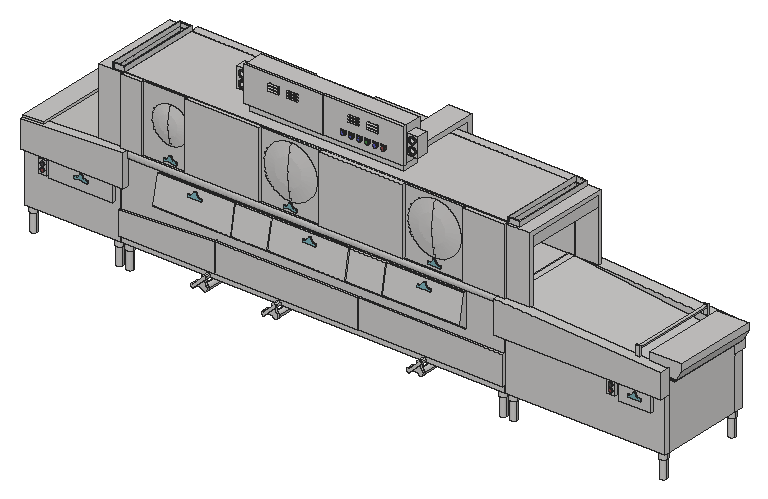
Revit family
Parameters (values of type "480/60/3")
  Weight in Pounds = 0
  Waste Water Discharge Temperature [instance] = -459.67 °F
  Volts = 480 V
  Ventilation Remarks [instance] = ""
  Unload Ventilation Remarks [instance] = ""
  Unload Section Width [instance] = if(Custom Unload Width > 5' 0", Custom Unload Width, 5' 0")  # 5' - 0"
  Unload Removable Cover [instance] = yes
  Unload Exhaust Volume = 1000 CFM
  Unload Exhaust Vent Width = 0' - 4"
  Unload Exhaust Vent Depth = 2' - 7 1/4"
  Unload Exhaust Static Press [instance] = 0.00 in-wg
  Unload Exhaust RI Height [instance] = 0' - 0"
  Unload Exhaust Item Number [instance] = "-"
  Unload End Drain [instance] = no
  URL Cutsheet = ""
  URL = "www.stero.com"
  Swing Doors [instance] = no
  Steam Supply Volume [instance] = 0.00 GPM
  Steam Supply Size = 2"
  Steam Supply RI Height [instance] = 0' - 0"
  Steam Supply Minimum Pressure = 15.00 psi
  Steam Supply Maximum Pressure = 40.00 psi
  Steam Supply Connection Height = 0' - 6"
  Steam Pounds per Hour [instance] = if(Booster Heater, 320, 170)  # 170
  Status [instance] = ""
  Standard Doors [instance] = not(Swing Doors)  # yes
  Specification by User [instance] = ""
  Specification by Manufacturer [instance] = ""
  Serial Number [instance] = ""
  Seismic Rating [instance] = ""
  Revision Code [instance] = ""
  Power Wash Width = 4' - 6"
  Power Wash Door [instance] = if(Swing Doors, 3' 0", 1' 10 1/2")  # 1' - 10 1/2"
  Power Scrapper Width = 3' - 0"
  Power Scrapper Door [instance] = if(Swing Doors, 2' 0", 1' 4 1/4")  # 1' - 4 1/4"
  Power Rinse Door [instance] = if(Swing Doors, 3' 0", 1' 10 1/2")  # 1' - 10 1/2"
  Plumbing Remarks [instance] = ""
  Plumbing Connection Type [instance] = ""
  Phase = 3
  ONOFF Switch [instance] = if([30 inch Load], 0' 0", 0' 6")  # 0' - 6"
  Number of Poles [instance] = 3
  No Booster Heater [instance] = not(Booster Heater)  # yes
  NAFEM Spec ID Number [instance] = ""
  Model = "STPCW-ER 144S"
  Mechanical Remarks [instance] = ""
  Mechanical Connection Type [instance] = ""
  Masterspec [instance] = ""
  Manufacturer = "Stero"
  Load Section Width [instance] = if([30 inch Load], 2' 6 1/8", if([36 inch Load], 3' 0 1/8", if([48 inch Load], 4' 0 1/8", (Custom Load Width + 0' 0 1/8"))))  # 3' - 0 1/8"
  Load End Drain [instance] = not(Unload End Drain)  # yes
  Item Number [instance] = "-"
  Installed By [instance] = ""
  Indirect Waste Size = 2"
  Indirect Waste Flow [instance] = 0.00 GPM
  Indirect Waste Connection Type [instance] = ""
  Indirect Waste Connection Height = 0' - 7"
  Hot Water Temperature = 140 °F
  Hot Water Size = 1"
  Hot Water RI Height [instance] = 0' - 0"
  Hot Water Minimum Pressure = 20.00 psi
  Hot Water Maximum Pressure = 20.00 psi
  Hot Water Flow [instance] = 0.00 GPM
  Hot Water Consumption = 1.63 GPM
  Hot Water Connection Height = 0' - 6"
  HP = "8"
  Furnished By [instance] = ""
  Foodservice Equipment Identifier [instance] = yes
  Final Rinse Width = 4' - 6"
  FL Amps = 15.9 A
  Exhaust Volume = 500 CFM
  Exhaust Vent Width = 0' - 4"
  Exhaust Vent Depth = 2' - 7 1/4"
  Exhaust Static Press [instance] = 0.00 in-wg
  Exhaust RI Height [instance] = 0' - 0"
  Electrical Remarks [instance] = ""
  Electric Connection Type [instance] = ""
  Elec Conn RI Height [instance] = 0' - 0"
  Elec Conn Connection Height = 6' - 6"
  Description = "Flight Type Dishwasher"
  Depth = 3' - 6"
  Cycle = 60 Hz
  Custom Unload Width [instance] = 5' - 0"
  Custom Load Width [instance] = 4' - 6"
  Conn Conduit = yes
  Condensate Return Size = 3/4"
  Condensate Return RI Height [instance] = 0' - 0"
  Condensate Return Connection Height = 0' - 6"
  Cold Water Temperature Recommended [instance] = -459.67 °F
  Cold Water Size [instance] = if(Cold Water Aqua Stat, 0' 0 3/4", 0' 0")  # 0"
  Cold Water RI Height [instance] = 0' - 0"
  Cold Water Minimum Pressure [instance] = 0.00 psi
  Cold Water Maximum Pressure [instance] = 0.00 psi
  Cold Water Flow [instance] = 0.00 GPM
  Cold Water Consumption [instance] = ""
  Cold Water Connection Height [instance] = if(Cold Water Aqua Stat, 0' 6", 0' 0")  # 0' - 0"
  Cold Water Aqua Stat [instance] = no
  CSI MasterFormat = "11 48 13"
  Booster Heater [instance] = no
  Boosted Plumbing Remarks [instance] = ""
  Boosted Hot Water Temperature = 180 °F
  Boosted Hot Water Size = 3/4"
  Boosted Hot Water RI Height [instance] = 0' - 0"
  Boosted Hot Water Minimum Pressure = 20.00 psi
  Boosted Hot Water Maximum Pressure = 20.00 psi
  Boosted Hot Water Flow [instance] = 0.00 GPM
  Boosted Hot Water Consumption = 1.63 GPM
  Boosted Hot Water Connection Height = 0' - 6"
  Boosted HW Item Number [instance] = "-"
  Assembly Code = "E1090320"
  Apparent Power = if(Phase = 3, Volts * FL Amps * 1.73, Volts * FL Amps)  # 13203.4 VA
  48 inch Load [instance] = no
  36 inch Load [instance] = yes
  30 inch Load [instance] = no
Reference planes (in)
  plane 1 "BACK": y = 0
  plane 2: z = 0
  plane 3 "LEFT": x = -21.27862
  plane 4 "RIGHT": x = 122.72138
  plane 5 "FRONT": y = -42
  plane 6 "Right of Power Scrapper": x = 14.72138
  plane 7 "Right of Power Wash": x = 68.72138
  plane 8 "Load Vent": x = -30.27862
  plane 9 "Unload Vent": x = 131.72138
  plane 10 "Top of Machine": z = 65.5
  plane 11 "Table Height": z = 34
  plane 12 "Bottom of Machine": z = 9
  plane 13 "Middle of Machine": z = 40.625
  plane 14 "Left of Bottom": x = -18.77862
  plane 15 "Right of Bottom": x = 120.22138
  plane 16: z = 38.125
  plane 17: z = 37.75
  plane 18: z = 24.5
  plane 19: z = 22.25
  plane 20: z = 11.5
  plane 21 "Back of Main Body": y = -3
  plane 22 "Front of Main Body": y = -39
  plane 23: x = -3.27862
  plane 24: x = 41.72138
  plane 25: x = 95.72138
  plane 26: x = -13.52862
  plane 27: x = 2.72138
  plane 28: x = 30.47138
  plane 29: x = 52.97138
  plane 30: x = 84.47138
  plane 31: x = 106.97138
  plane 32 "Front of Inside": y = -37.25
  plane 33 "Back of Inside": y = -6
  plane 34: x = 23.22138
  plane 35: x = 45.72138
  plane 36: x = -6.77862
  plane 37: x = 22.22138
  plane 38: x = 36.22138
  plane 39: x = 65.22138
  plane 40: x = 35.97138
  plane 41: x = 65.47138
  plane 42: x = 14.59638
  plane 43: x = 14.84638
  plane 44: x = 68.59638
  plane 45: x = 68.84638
  plane 46: z = 60.25
  plane 47: z = 67.25
  plane 48: x = -21.40362
  plane 49: x = -25.40362
  plane 50: x = 126.84638
  plane 51: x = 122.84638
  plane 52: x = -57.40362
  plane 53: x = -59.90362
  plane 54: x = -58.40362
  plane 55: x = -49.40362
  plane 56: z = 28.5
  plane 57: z = 28
  plane 58: z = 22
  plane 59: x = -47.40362
  plane 60: x = -23.40362
  plane 61: x = -48.40362
  plane 62: x = -51.40362
  plane 63: x = 182.72138
  plane 64: x = 183.72138
  plane 65: x = 185.22138
  plane 66: x = 187.72138
  plane 67: x = 175.72138
  plane 68: x = 171.72138
  plane 69: x = 178.22138
  plane 70: x = 166.22138
  plane 71: x = 164.72138
  plane 72: x = 161.72138
  plane 73: y = -32.5
  plane 74: y = -26.5
  plane 75: x = 21.72138
  plane 76: x = 79.72138
  plane 77: z = 68.5
  plane 78: z = 71.375
  plane 79: z = 78.625
  plane 80: z = 81.5
  plane 81: x = 50.72138
  plane 82: x = 50.59638
  plane 83: x = 50.84638
  plane 84: x = 20.72138
  plane 85: x = 80.72138
  plane 86: x = 84.72138
  plane 87: x = 16.72138
  plane 88 "Back of Elec Box": y = -26
  plane 89: y = -33
  plane 90 "Front of Panel": y = -34
  plane 91: z = 68.25
  plane 92: z = 81.25
  plane 93: x = 20.97138
  plane 94 "Right of Control Box": x = 80.47138
  plane 95 "Front of LR Panels": y = -32.25
  plane 96: y = -28.25
  plane 97 "Drain": z = 7
  plane 98 "Left Drain": x = -39.90362
  plane 99 "Right Drain": x = 175.72138
  plane 100 "Drain CL": y = -20.25
  plane 101 "Utilities": z = 6
  plane 102 "Cold Water": x = -31.27862
  plane 103 "Utility to Machine": y = -16.75
  plane 104 "Utilities Point of Connection": y = -8.5
  plane 105 "Building Hot Water": x = 158.72138
  plane 106: x = -13.27862
  plane 107: x = 2.59638
  plane 108: x = 1.28388
  plane 109: x = 30.72138
  plane 110: x = 41.65888
  plane 111: x = 41.78388
  plane 112: x = 52.72138
  plane 113: x = 43.15888
  plane 114: x = 40.28388
  plane 115: x = 84.72138
  plane 116: x = 95.65888
  plane 117: x = 95.78388
  plane 118: x = 106.72138
  plane 119: x = 97.15888
  plane 120: x = 94.28388
  plane 121 "Standard Door Clearance": z = 93.5
  plane 122: x = 146.72138
  plane 123: x = 22.47138
  plane 124: x = 79.22138
  plane 125: x = 78.97138
  plane 126: x = 108.22138
  plane 127: x = 152.72138
Forms (in)
  Extrusion 1, solid, material "QF_Finishes_Stainless Steel"
    sketch origin (0, -39, 0) x (1, 0, 0) y (0, 0, 1)
      loop
        line (-21.27862, 9) -> (122.72138, 9) -> (122.72138, 28.5) -> (120.22138, 28.5) -> (120.22138, 38.125) -> (-18.77862, 38.125) -> (-18.77862, 28.5) -> (-21.27862, 28.5) -> (-21.27862, 9)
    from 0 to -36
  Extrusion 2, solid, material "QF_Finishes_Stainless Steel"
    sketch origin (-18.77862, 0, 0) x (0, 1, 0) y (0, 0, 1)
      loop
        line (-3, 40.625) -> (-39, 40.625)
        arc (-39, 40.625) -> (-39.43875, 39.375) -> (-39, 38.125) r 2
        line (-39, 38.125) -> (-3, 38.125) -> (-3, 40.625)
    from 0 to 139
  Extrusion 3, solid, material "QF_Finishes_Stainless Steel"
    sketch origin (0, 0, 65.5) x (0, 1, 0) y (-1, 0, 0)
      loop
        line (-37.25, 21.27862) -> (-39, 21.27862) -> (-39, 13.52862) -> (-37.25, 13.52862) -> (-37.25, 21.27862)
    from 0 to -24.875
  Extrusion 4, solid, material "QF_Finishes_Stainless Steel"
    sketch origin (0, 0, 65.5) x (0, 1, 0) y (-1, 0, 0)
      loop
        line (-37.25, -2.72138) -> (-39, -2.72138) -> (-39, -30.47138) -> (-37.25, -30.47138) -> (-37.25, -2.72138)
    from 0 to -24.875
  Extrusion 5, solid, material "QF_Finishes_Stainless Steel"
    sketch origin (0, 0, 65.5) x (0, 1, 0) y (-1, 0, 0)
      loop
        line (-37.25, -52.97138) -> (-39, -52.97138) -> (-39, -84.47138) -> (-37.25, -84.47138) -> (-37.25, -52.97138)
    from 0 to -24.875
  Extrusion 6, solid, material "QF_Finishes_Stainless Steel"
    sketch origin (0, 0, 65.5) x (0, 1, 0) y (-1, 0, 0)
      loop
        line (-37.25, -106.97138) -> (-39, -106.97138) -> (-39, -122.72138) -> (-37.25, -122.72138) -> (-37.25, -106.97138)
    from 0 to -24.875
  Extrusion 7, solid, material "QF_Finishes_Stainless Steel"
    sketch origin (0, 0, 65.5) x (0, 1, 0) y (-1, 0, 0)
      loop
        line (-3, 21.27862) -> (-6, 21.27862) -> (-6, -23.22138) -> (-3, -23.22138) -> (-3, 21.27862)
    from 0 to -24.875
  Extrusion 8, solid, material "QF_Finishes_Stainless Steel"
    sketch origin (0, 0, 65.5) x (0, 1, 0) y (-1, 0, 0)
      loop
        line (-3, -45.72138) -> (-6, -45.72138) -> (-6, -122.72138) -> (-3, -122.72138) -> (-3, -45.72138)
    from 0 to -24.875
  Extrusion 9, solid, material "QF_Finishes_Stainless Steel"
    sketch origin (0, 0, 65.5) x (0, 1, 0) y (-1, 0, 0)
      loop
        line (-37.25, 13.52862) -> (-38.25, 13.52862) -> (-38.25, -2.72138) -> (-37.25, -2.72138) -> (-37.25, 13.52862)
    from 0 to -24.875
  Extrusion 10, solid, material "QF_Finishes_Stainless Steel"
    sketch origin (0, 0, 65.5) x (0, 1, 0) y (-1, 0, 0)
      loop
        line (-37.25, -30.47138) -> (-38.25, -30.47138) -> (-38.25, -52.97138) -> (-37.25, -52.97138) -> (-37.25, -30.47138)
    from 0 to -24.875
  Extrusion 11, solid, material "QF_Finishes_Stainless Steel"
    sketch origin (0, 0, 65.5) x (0, 1, 0) y (-1, 0, 0)
      loop
        line (-37.25, -84.47138) -> (-38.25, -84.47138) -> (-38.25, -106.97138) -> (-37.25, -106.97138) -> (-37.25, -84.47138)
    from 0 to -24.875
  Extrusion 12, solid, material "QF_Finishes_Stainless Steel"
    sketch origin (0, 0, 65.5) x (0, 1, 0) y (-1, 0, 0)
      loop
        line (-4, -23.22138) -> (-6, -23.22138) -> (-6, -45.72138) -> (-4, -45.72138) -> (-4, -23.22138)
    from 0 to -24.875
  Revolve 13, solid, material "QF_Finishes_Stainless Steel", visible <- "Standard Doors"
    sketch origin (41.72138, 87.64484, 48) x (0, 1, 0) y (0, 0, 1)
      loop
        line (-125.89484, 6.49826) -> (-125.89484, 16.49826)
        arc (-125.89484, 16.49826) -> (-126.65727, 11.52451) -> (-126.89484, 6.49826) r 48
        line (-126.89484, 6.49826) -> (-125.89484, 6.49826)
      axis (-125.89484, 6.49826) -> (-126.89484, 6.49826)
    angle from 0 to 360
  Revolve 14, solid, material "QF_Finishes_Stainless Steel", visible <- "Standard Doors"
    sketch origin (95.72138, 53.39484, 48) x (0, 1, 0) y (0, 0, 1)
      loop
        line (-91.64484, 6.49826) -> (-91.64484, 16.49826)
        arc (-91.64484, 16.49826) -> (-92.40727, 11.52451) -> (-92.64484, 6.49826) r 48
        line (-92.64484, 6.49826) -> (-91.64484, 6.49826)
      axis (-91.64484, 6.49826) -> (-92.64484, 6.49826)
    angle from 0 to 360
  Extrusion 15, solid, material "QF_Finishes_Light Blue", visible <- "Standard Doors"
    sketch origin (32.39366, -38.75, 10.99826) x (-1, 0, 0) y (0, 0, 1)
      loop
        line (-62.71645, 30.65632) -> (-61.08461, 30.57309)
        arc (-61.08461, 30.57309) -> (-60.90443, 30.64773) -> (-60.82979, 30.82792) r 0.25483
        line (-60.82979, 30.82792) -> (-60.82979, 31.31285)
        arc (-60.82979, 31.31285) -> (-60.90343, 31.49062) -> (-61.08121, 31.56426) r 0.25142
        arc (-61.08121, 31.56426) -> (-62.22593, 31.7803) -> (-62.90311, 32.72819) r 1.56264
        arc (-62.90311, 32.72819) -> (-63.31726, 33.06213) -> (-63.74741, 32.74907) r 0.43733
        arc (-63.74741, 32.74907) -> (-64.42049, 31.78611) -> (-65.57423, 31.56426) r 1.56264
        arc (-65.57423, 31.56426) -> (-65.75201, 31.49062) -> (-65.82565, 31.31285) r 0.25142
        line (-65.82565, 31.31285) -> (-65.82565, 30.82792)
        arc (-65.82565, 30.82792) -> (-65.75101, 30.64773) -> (-65.57082, 30.57309) r 0.25483
        line (-65.57082, 30.57309) -> (-63.93898, 30.65632)
        arc (-63.93898, 30.65632) -> (-63.32772, 30.6719) -> (-62.71645, 30.65632) r 12
    from 0.5 to 0.4375
  Extrusion 16, solid, material "QF_Finishes_Light Blue", visible <- "Standard Doors"
    sketch origin (-33.60634, -38.75, 10.99826) x (-1, 0, 0) y (0, 0, 1)
      loop
        line (-29.71645, 30.65632) -> (-28.08461, 30.57309)
        arc (-28.08461, 30.57309) -> (-27.90443, 30.64773) -> (-27.82979, 30.82792) r 0.25483
        line (-27.82979, 30.82792) -> (-27.82979, 31.31285)
        arc (-27.82979, 31.31285) -> (-27.90343, 31.49062) -> (-28.08121, 31.56426) r 0.25142
        arc (-28.08121, 31.56426) -> (-29.22593, 31.7803) -> (-29.90311, 32.72819) r 1.56264
        arc (-29.90311, 32.72819) -> (-30.31726, 33.06213) -> (-30.74741, 32.74907) r 0.43733
        arc (-30.74741, 32.74907) -> (-31.42049, 31.78611) -> (-32.57423, 31.56426) r 1.56264
        arc (-32.57423, 31.56426) -> (-32.75201, 31.49062) -> (-32.82565, 31.31285) r 0.25142
        line (-32.82565, 31.31285) -> (-32.82565, 30.82792)
        arc (-32.82565, 30.82792) -> (-32.75101, 30.64773) -> (-32.57082, 30.57309) r 0.25483
        line (-32.57082, 30.57309) -> (-30.93898, 30.65632)
        arc (-30.93898, 30.65632) -> (-30.32772, 30.6719) -> (-29.71645, 30.65632) r 12
    from 0.5 to 0.4375
  Revolve 17, solid, material "QF_Finishes_Stainless Steel", visible <- "Standard Doors"
    sketch origin (-3.27862, 60.79026, 48) x (0, 1, 0) y (0, 0, 1)
      loop
        line (-99.04026, 6.42888) -> (-99.04026, 13.42888)
        arc (-99.04026, 13.42888) -> (-99.77934, 9.96304) -> (-100.04026, 6.42888) r 26
        line (-100.04026, 6.42888) -> (-99.04026, 6.42888)
      axis (-99.04026, 6.42888) -> (-100.04026, 6.42888)
    angle from 0 to 360
  Revolve 18, solid, material "QF_Finishes_Stainless Steel", visible <- "Standard Doors"
    sketch origin (34.47138, -129.89484, 48) x (0, -1, 0) y (0, 0, -1)
      loop
        line (-125.89484, -6.49826) -> (-126.89484, -6.49826)
        arc (-126.89484, -6.49826) -> (-126.65727, -11.52451) -> (-125.89484, -16.49826) r 48
        line (-125.89484, -16.49826) -> (-125.89484, -6.49826)
      axis (-125.89484, -6.49826) -> (-126.89484, -6.49826)
    angle from 0 to 360
  Extrusion 19, solid, material "QF_Finishes_Stainless Steel"
    sketch origin (-18.77862, 0, 0) x (0, 1, 0) y (0, 0, 1)
      loop
        line (-39, 37.75) -> (-40, 37.75) -> (-42, 27.5) -> (-39, 25.1875) -> (-39, 37.75)
    from 12 to 41
  Extrusion 20, solid, material "QF_Finishes_Stainless Steel"
    sketch origin (16.97138, 0, 0) x (0, 1, 0) y (0, 0, 1)
      loop
        line (-39, 37.75) -> (-40, 37.75) -> (-42, 27.5) -> (-39, 25.1875) -> (-39, 37.75)
    from 5.5 to 19
  Extrusion 21, solid, material "QF_Finishes_Stainless Steel"
    sketch origin (21.72138, 0, 0) x (0, 1, 0) y (0, 0, 1)
      loop
        line (-39, 37.75) -> (-40, 37.75) -> (-42, 27.5) -> (-39, 25.1875) -> (-39, 37.75)
    from 14.5 to 43.5
  Extrusion 22, solid, material "QF_Finishes_Stainless Steel"
    sketch origin (45.97138, 0, 0) x (0, 1, 0) y (0, 0, 1)
      loop
        line (-39, 37.75) -> (-40, 37.75) -> (-42, 27.5) -> (-39, 25.1875) -> (-39, 37.75)
    from 19.5 to 33
  Extrusion 23, solid, material "QF_Finishes_Stainless Steel"
    sketch origin (50.97138, 0, 0) x (0, 1, 0) y (0, 0, 1)
      loop
        line (-39, 37.75) -> (-40, 37.75) -> (-42, 27.5) -> (-39, 25.1875) -> (-39, 37.75)
    from 28.25 to 57.25
  Extrusion 24, solid, material "QF_Finishes_Stainless Steel"
    sketch origin (0, -39, 0) x (1, 0, 0) y (0, 0, 1)
      loop
        line (-21.27862, 11.5) -> (14.59638, 11.5) -> (14.59638, 22.25) -> (-21.27862, 20.375) -> (-21.27862, 11.5)
    from 0 to 1
  Extrusion 25, solid, material "QF_Finishes_Stainless Steel"
    sketch origin (0, -39, 0) x (1, 0, 0) y (0, 0, 1)
      loop
        line (14.84638, 22.25) -> (14.84638, 11.5) -> (68.59638, 11.5) -> (68.59638, 22.25) -> (14.84638, 22.25)
    from 0 to 1
  Extrusion 26, solid, material "QF_Finishes_Stainless Steel"
    sketch origin (0, -39, 0) x (1, 0, 0) y (0, 0, 1)
      loop
        line (68.84638, 22.25) -> (68.84638, 11.5) -> (122.72138, 11.5) -> (122.72138, 22.25) -> (68.84638, 22.25)
    from 0 to 1
  Extrusion 27, solid, material "QF_Finishes_Stainless Steel"
    sketch origin (0, 0, 65.5) x (0, 1, 0) y (-1, 0, 0)
      loop
        line (-6, 21.27862) -> (-37.25, 21.27862) -> (-37.25, -122.72138) -> (-6, -122.72138) -> (-6, 21.27862)
    from 0 to -5.25
  Extrusion 28, solid, material "QF_Finishes_Stainless Steel"
    sketch origin (-21.27862, 0, 0) x (0, 1, 0) y (0, 0, 1)
      loop
        line (-5, 65.5) -> (-38.25, 65.5) -> (-38.25, 40.625) -> (-37.25, 40.625) -> (-37.25, 64.125) -> (-6, 64.125) -> (-6, 40.625) -> (-5, 40.625) -> (-5, 65.5)
    from 0 to -9
  Extrusion 29, solid, material "QF_Finishes_Stainless Steel"
    sketch origin (0, 0, 65.5) x (0, 1, 0) y (-1, 0, 0)
      loop
        line (-6, 25.40362) -> (-37.25, 25.40362) -> (-37.25, 21.40362) -> (-6, 21.40362) -> (-6, 25.40362)
      loop
        line (-5.875, 25.52862) -> (-37.375, 25.52862) -> (-37.375, 21.27862) -> (-5.875, 21.27862) -> (-5.875, 25.52862)
    from 0 to 1.75
  Extrusion 30, solid, material "QF_Finishes_Stainless Steel"
    sketch origin (-30.27862, 0, 0) x (0, 1, 0) y (0, 0, 1)
      loop
        line (-6, 64.125) -> (-37.25, 64.125) -> (-37.25, 60.25) -> (-6, 60.25) -> (-6, 64.125)
    from 0 to 1
  Extrusion 31, void
    sketch origin (0, 0, 65.5) x (0, 1, 0) y (-1, 0, 0)
      loop
        line (-6, 25.40362) -> (-37.25, 25.40362) -> (-37.25, 21.40362) -> (-6, 21.40362) -> (-6, 25.40362)
    from 0 to -1.375
  Extrusion 32, solid, material "QF_Finishes_Stainless Steel"
    sketch origin (122.72138, 0, 0) x (0, 1, 0) y (0, 0, 1)
      loop
        line (-5, 40.625) -> (-5, 65.5) -> (-38.25, 65.5) -> (-38.25, 40.625) -> (-37.25, 40.625) -> (-37.25, 64.125) -> (-6, 64.125) -> (-6, 40.625) -> (-5, 40.625)
    from 0 to 9
  Extrusion 33, solid, material "QF_Finishes_Stainless Steel"
    sketch origin (53.44275, 0, 65.5) x (0, 1, 0) y (-1, 0, 0)
      loop
        line (-6, -73.40362) -> (-6, -69.40362) -> (-37.25, -69.40362) -> (-37.25, -73.40362) -> (-6, -73.40362)
      loop
        line (-5.875, -73.52862) -> (-5.875, -69.27862) -> (-37.375, -69.27862) -> (-37.375, -73.52862) -> (-5.875, -73.52862)
    from 0 to 1.75
  Extrusion 34, solid, material "QF_Finishes_Stainless Steel"
    sketch origin (131.72138, 0, 0) x (0, 1, 0) y (0, 0, 1)
      loop
        line (-6, 64.125) -> (-37.25, 64.125) -> (-37.25, 60.25) -> (-6, 60.25) -> (-6, 64.125)
    from 0 to -1
  Extrusion 35, void
    sketch origin (0, 0, 65.5) x (0, 1, 0) y (-1, 0, 0)
      loop
        line (-37.25, -126.84638) -> (-6, -126.84638) -> (-6, -122.84638) -> (-37.25, -122.84638) -> (-37.25, -126.84638)
    from 0 to -1.375
  Extrusion 36, solid, material "QF_Finishes_Light Blue", visible <- "Standard Doors"
    sketch origin (4.39366, -38.75, 10.99826) x (-1, 0, 0) y (0, 0, 1)
      loop
        line (-36.71645, 30.65632) -> (-35.08461, 30.57309)
        arc (-35.08461, 30.57309) -> (-34.90443, 30.64773) -> (-34.82979, 30.82792) r 0.25483
        line (-34.82979, 30.82792) -> (-34.82979, 31.31285)
        arc (-34.82979, 31.31285) -> (-34.90343, 31.49062) -> (-35.08121, 31.56426) r 0.25142
        arc (-35.08121, 31.56426) -> (-36.22593, 31.7803) -> (-36.90311, 32.72819) r 1.56264
        arc (-36.90311, 32.72819) -> (-37.31726, 33.06213) -> (-37.74741, 32.74907) r 0.43733
        arc (-37.74741, 32.74907) -> (-38.42049, 31.78611) -> (-39.57423, 31.56426) r 1.56264
        arc (-39.57423, 31.56426) -> (-39.75201, 31.49062) -> (-39.82565, 31.31285) r 0.25142
        line (-39.82565, 31.31285) -> (-39.82565, 30.82792)
        arc (-39.82565, 30.82792) -> (-39.75101, 30.64773) -> (-39.57082, 30.57309) r 0.25483
        line (-39.57082, 30.57309) -> (-37.93898, 30.65632)
        arc (-37.93898, 30.65632) -> (-37.32772, 30.6719) -> (-36.71645, 30.65632) r 12
    from 0.5 to 0.4375
  Extrusion 37, solid, material "QF_Finishes_Light Blue"
    sketch origin (52.14366, -47.17361, 4.34597) x (-1, 0, 0) y (0, 0.195946, 0.980615)
      loop
        line (-40.97691, 30.65632) -> (-39.34507, 30.57309)
        arc (-39.34507, 30.57309) -> (-39.16488, 30.64773) -> (-39.09025, 30.82792) r 0.25483
        line (-39.09025, 30.82792) -> (-39.09025, 31.31285)
        arc (-39.09025, 31.31285) -> (-39.16389, 31.49062) -> (-39.34166, 31.56426) r 0.25142
        arc (-39.34166, 31.56426) -> (-40.48639, 31.7803) -> (-41.16357, 32.72819) r 1.56264
        arc (-41.16357, 32.72819) -> (-41.57772, 33.06213) -> (-42.00787, 32.74907) r 0.43733
        arc (-42.00787, 32.74907) -> (-42.68095, 31.78611) -> (-43.83469, 31.56426) r 1.56264
        arc (-43.83469, 31.56426) -> (-44.01247, 31.49062) -> (-44.08611, 31.31285) r 0.25142
        line (-44.08611, 31.31285) -> (-44.08611, 30.82792)
        arc (-44.08611, 30.82792) -> (-44.01147, 30.64773) -> (-43.83128, 30.57309) r 0.25483
        line (-43.83128, 30.57309) -> (-42.19944, 30.65632)
        arc (-42.19944, 30.65632) -> (-41.58818, 30.6719) -> (-40.97691, 30.65632) r 12
      loop
        line (2.0339, 30.65632) -> (3.66574, 30.57309)
        arc (3.66574, 30.57309) -> (3.84592, 30.64773) -> (3.92056, 30.82792) r 0.25483
        line (3.92056, 30.82792) -> (3.92056, 31.31285)
        arc (3.92056, 31.31285) -> (3.84692, 31.49062) -> (3.66915, 31.56426) r 0.25142
        arc (3.66915, 31.56426) -> (2.52442, 31.7803) -> (1.84724, 32.72819) r 1.56264
        arc (1.84724, 32.72819) -> (1.43309, 33.06213) -> (1.00294, 32.74907) r 0.43733
        arc (1.00294, 32.74907) -> (0.32986, 31.78611) -> (-0.82388, 31.56426) r 1.56264
        arc (-0.82388, 31.56426) -> (-1.00166, 31.49062) -> (-1.0753, 31.31285) r 0.25142
        line (-1.0753, 31.31285) -> (-1.0753, 30.82792)
        arc (-1.0753, 30.82792) -> (-1.00066, 30.64773) -> (-0.82047, 30.57309) r 0.25483
        line (-0.82047, 30.57309) -> (0.81137, 30.65632)
        arc (0.81137, 30.65632) -> (1.42263, 30.6719) -> (2.0339, 30.65632) r 12
      loop
        line (45.02309, 30.65632) -> (46.65493, 30.57309)
        arc (46.65493, 30.57309) -> (46.83512, 30.64773) -> (46.90975, 30.82792) r 0.25483
        line (46.90975, 30.82792) -> (46.90975, 31.31285)
        arc (46.90975, 31.31285) -> (46.83611, 31.49062) -> (46.65834, 31.56426) r 0.25142
        arc (46.65834, 31.56426) -> (45.51361, 31.7803) -> (44.83643, 32.72819) r 1.56264
        arc (44.83643, 32.72819) -> (44.42228, 33.06213) -> (43.99213, 32.74907) r 0.43733
        arc (43.99213, 32.74907) -> (43.31905, 31.78611) -> (42.16531, 31.56426) r 1.56264
        arc (42.16531, 31.56426) -> (41.98753, 31.49062) -> (41.91389, 31.31285) r 0.25142
        line (41.91389, 31.31285) -> (41.91389, 30.82792)
        arc (41.91389, 30.82792) -> (41.98853, 30.64773) -> (42.16872, 30.57309) r 0.25483
        line (42.16872, 30.57309) -> (43.80056, 30.65632)
        arc (43.80056, 30.65632) -> (44.41182, 30.6719) -> (45.02309, 30.65632) r 12
    from 0.5 to 0.4375
  Extrusion 38, solid, material "QF_Finishes_Stainless Steel", not visible
    sketch origin (-30.27862, 0, 0) x (0, 1, 0) y (0, 0, 1)
      loop
        line (-39, 37.75) -> (-40, 37.75) -> (-42, 27.5) -> (-39, 25.1875) -> (-39, 37.75)
    from 12 to 41
  Extrusion 39, solid, material "QF_Finishes_Stainless Steel", not visible
    sketch origin (5.47138, 0, 0) x (0, 1, 0) y (0, 0, 1)
      loop
        line (-39, 37.75) -> (-40, 37.75) -> (-42, 27.5) -> (-39, 25.1875) -> (-39, 37.75)
    from 5.5 to 19
  Extrusion 40, solid, material "QF_Finishes_Stainless Steel", not visible
    sketch origin (10.22138, 0, 0) x (0, 1, 0) y (0, 0, 1)
      loop
        line (-39, 37.75) -> (-40, 37.75) -> (-42, 27.5) -> (-39, 25.1875) -> (-39, 37.75)
    from 14.5 to 43.5
  Extrusion 41, solid, material "QF_Finishes_Stainless Steel", not visible
    sketch origin (34.47138, 0, 0) x (0, 1, 0) y (0, 0, 1)
      loop
        line (-39, 37.75) -> (-40, 37.75) -> (-42, 27.5) -> (-39, 25.1875) -> (-39, 37.75)
    from 19.5 to 33
  Extrusion 42, solid, material "QF_Finishes_Stainless Steel", not visible
    sketch origin (39.47138, 0, 0) x (0, 1, 0) y (0, 0, 1)
      loop
        line (-39, 37.75) -> (-40, 37.75) -> (-42, 27.5) -> (-39, 25.1875) -> (-39, 37.75)
    from 28.25 to 57.25
  Extrusion 43, solid, material "QF_Finishes_Light Blue", not visible
    sketch origin (40.64366, -47.17361, 4.34597) x (-1, 0, 0) y (0, 0.195946, 0.980615)
      loop
        line (-40.97691, 30.65632) -> (-39.34507, 30.57309)
        arc (-39.34507, 30.57309) -> (-39.16488, 30.64773) -> (-39.09025, 30.82792) r 0.25483
        line (-39.09025, 30.82792) -> (-39.09025, 31.31285)
        arc (-39.09025, 31.31285) -> (-39.16389, 31.49062) -> (-39.34166, 31.56426) r 0.25142
        arc (-39.34166, 31.56426) -> (-40.48639, 31.7803) -> (-41.16357, 32.72819) r 1.56264
        arc (-41.16357, 32.72819) -> (-41.57772, 33.06213) -> (-42.00787, 32.74907) r 0.43733
        arc (-42.00787, 32.74907) -> (-42.68095, 31.78611) -> (-43.83469, 31.56426) r 1.56264
        arc (-43.83469, 31.56426) -> (-44.01247, 31.49062) -> (-44.08611, 31.31285) r 0.25142
        line (-44.08611, 31.31285) -> (-44.08611, 30.82792)
        arc (-44.08611, 30.82792) -> (-44.01147, 30.64773) -> (-43.83128, 30.57309) r 0.25483
        line (-43.83128, 30.57309) -> (-42.19944, 30.65632)
        arc (-42.19944, 30.65632) -> (-41.58818, 30.6719) -> (-40.97691, 30.65632) r 12
      loop
        line (2.0339, 30.65632) -> (3.66574, 30.57309)
        arc (3.66574, 30.57309) -> (3.84592, 30.64773) -> (3.92056, 30.82792) r 0.25483
        line (3.92056, 30.82792) -> (3.92056, 31.31285)
        arc (3.92056, 31.31285) -> (3.84692, 31.49062) -> (3.66915, 31.56426) r 0.25142
        arc (3.66915, 31.56426) -> (2.52442, 31.7803) -> (1.84724, 32.72819) r 1.56264
        arc (1.84724, 32.72819) -> (1.43309, 33.06213) -> (1.00294, 32.74907) r 0.43733
        arc (1.00294, 32.74907) -> (0.32986, 31.78611) -> (-0.82388, 31.56426) r 1.56264
        arc (-0.82388, 31.56426) -> (-1.00166, 31.49062) -> (-1.0753, 31.31285) r 0.25142
        line (-1.0753, 31.31285) -> (-1.0753, 30.82792)
        arc (-1.0753, 30.82792) -> (-1.00066, 30.64773) -> (-0.82047, 30.57309) r 0.25483
        line (-0.82047, 30.57309) -> (0.81137, 30.65632)
        arc (0.81137, 30.65632) -> (1.42263, 30.6719) -> (2.0339, 30.65632) r 12
      loop
        line (45.02309, 30.65632) -> (46.65493, 30.57309)
        arc (46.65493, 30.57309) -> (46.83512, 30.64773) -> (46.90975, 30.82792) r 0.25483
        line (46.90975, 30.82792) -> (46.90975, 31.31285)
        arc (46.90975, 31.31285) -> (46.83611, 31.49062) -> (46.65834, 31.56426) r 0.25142
        arc (46.65834, 31.56426) -> (45.51361, 31.7803) -> (44.83643, 32.72819) r 1.56264
        arc (44.83643, 32.72819) -> (44.42228, 33.06213) -> (43.99213, 32.74907) r 0.43733
        arc (43.99213, 32.74907) -> (43.31905, 31.78611) -> (42.16531, 31.56426) r 1.56264
        arc (42.16531, 31.56426) -> (41.98753, 31.49062) -> (41.91389, 31.31285) r 0.25142
        line (41.91389, 31.31285) -> (41.91389, 30.82792)
        arc (41.91389, 30.82792) -> (41.98853, 30.64773) -> (42.16872, 30.57309) r 0.25483
        line (42.16872, 30.57309) -> (43.80056, 30.65632)
        arc (43.80056, 30.65632) -> (44.41182, 30.6719) -> (45.02309, 30.65632) r 12
    from 0.5 to 0.4375
  Extrusion 44, solid, material "QF_Finishes_Stainless Steel"
    sketch origin (0, -37.25, 0) x (1, 0, 0) y (0, 0, 1)
      loop
        line (-57.40362, 28.5) -> (-18.77862, 28.5) -> (-18.77862, 40.625) -> (-57.40362, 38.75) -> (-57.40362, 28.5)
    from 0 to 3.75
  Extrusion 45, solid, material "QF_Finishes_Stainless Steel"
    sketch origin (0, -6, 0) x (1, 0, 0) y (0, 0, 1)
      loop
        line (-57.40362, 28.5) -> (-18.77862, 28.5) -> (-18.77862, 40.625) -> (-57.40362, 38.75) -> (-57.40362, 28.5)
    from 0 to -4.5
  Extrusion 46, solid, material "QF_Finishes_Stainless Steel"
    sketch origin (0, -6, 0) x (1, 0, 0) y (0, 0, 1)
      loop
        line (-57.40362, 34) -> (-59.90362, 34) -> (-59.90362, 33.875) -> (-57.40362, 33.875) -> (-57.40362, 34)
    from 0 to 31.25
  Extrusion 47, solid, material "QF_Finishes_Stainless Steel"
    sketch origin (0, -6, 0) x (1, 0, 0) y (0, 0, 1)
      loop
        line (-57.40362, 33.875) -> (-58.40362, 33.875) -> (-58.40362, 32.5) -> (-57.40362, 32.5) -> (-57.40362, 33.875)
    from 3.5 to 29.25
  Extrusion 48, solid, material "QF_Finishes_Stainless Steel"
    sketch origin (0, -6, 0) x (1, 0, 0) y (0, 0, 1)
      loop
        line (-57.40362, 32) -> (-58.40362, 32) -> (-58.40362, 28) -> (-57.40362, 28) -> (-57.40362, 32)
    from 3.5 to 29.25
  Extrusion 49, solid, material "QF_Finishes_Stainless Steel"
    sketch origin (0, -6, 0) x (1, 0, 0) y (0, 0, 1)
      loop
        line (-18.77862, 40.625) -> (-21.27862, 40.625) -> (-57.40362, 34) -> (-57.40362, 9) -> (-21.27862, 9) -> (-21.27862, 28.5) -> (-18.77862, 28.5) -> (-18.77862, 40.625)
    from 0 to 31.25
  Extrusion 50, solid, material "QF_Finishes_Stainless Steel"
    sketch origin (0, -6, 0) x (1, 0, 0) y (0, 0, 1)
      loop
        line (-57.40362, 38.75) -> (-49.40362, 39.13835) -> (-49.40362, 39.88923) -> (-57.40362, 39.50088) -> (-57.40362, 38.75)
    from -2.625 to 33.875
  Extrusion 51, solid, material "QF_Finishes_Stainless Steel"
    sketch origin (0, -37.25, 0) x (1, 0, 0) y (0, 0, 1)
      loop
        line (-57.40362, 9) -> (-21.27862, 9) -> (-21.27862, 28.5) -> (-57.40362, 28.5) -> (-57.40362, 9)
    from 0 to 1.75
  Extrusion 52, solid, material "QF_Finishes_Stainless Steel"
    sketch origin (0, -6, 0) x (1, 0, 0) y (0, 0, 1)
      loop
        line (-57.40362, 28.5) -> (-57.40362, 9) -> (-21.27862, 9) -> (-21.27862, 28.5) -> (-57.40362, 28.5)
    from 0 to -3
  Extrusion 53, solid, material "QF_Finishes_Stainless Steel"
    sketch origin (0, -37.25, 0) x (1, 0, 0) y (0, 0, 1)
      loop
        line (-47.40362, 28) -> (-47.40362, 22) -> (-23.40362, 22) -> (-23.40362, 28) -> (-47.40362, 28)
    from 1.75 to 2.75
  Extrusion 54, solid, material "QF_Finishes_Light Blue"
    sketch origin (-63.60634, -40.5, -5.56213) x (-1, 0, 0) y (0, 0, 1)
      loop
        line (-27.5911, 30.65632) -> (-25.95926, 30.57309)
        arc (-25.95926, 30.57309) -> (-25.77908, 30.64773) -> (-25.70444, 30.82792) r 0.25483
        line (-25.70444, 30.82792) -> (-25.70444, 31.31285)
        arc (-25.70444, 31.31285) -> (-25.77808, 31.49062) -> (-25.95585, 31.56426) r 0.25142
        arc (-25.95585, 31.56426) -> (-27.10058, 31.7803) -> (-27.77776, 32.72819) r 1.56264
        arc (-27.77776, 32.72819) -> (-28.19191, 33.06213) -> (-28.62206, 32.74907) r 0.43733
        arc (-28.62206, 32.74907) -> (-29.29514, 31.78611) -> (-30.44888, 31.56426) r 1.56264
        arc (-30.44888, 31.56426) -> (-30.62666, 31.49062) -> (-30.7003, 31.31285) r 0.25142
        line (-30.7003, 31.31285) -> (-30.7003, 30.82792)
        arc (-30.7003, 30.82792) -> (-30.62566, 30.64773) -> (-30.44547, 30.57309) r 0.25483
        line (-30.44547, 30.57309) -> (-28.81363, 30.65632)
        arc (-28.81363, 30.65632) -> (-28.20237, 30.6719) -> (-27.5911, 30.65632) r 12
    from 0.5 to 0.4375
  Extrusion 55, solid, material "QF_Finishes_Stainless Steel"
    sketch origin (0, -37.25, 0) x (1, 0, 0) y (0, 0, 1)
      loop
        line (-48.40362, 22.25) -> (-48.40362, 27.25) -> (-51.40362, 27.25) -> (-51.40362, 22.25) -> (-48.40362, 22.25)
    from 1.75 to 2.75
  Extrusion 56, solid, material "QF_Finishes_Black"
    sketch origin (0, -37.25, 0) x (1, 0, 0) y (0, 0, 1)
      loop
        circle (-49.90362, 25.75) r 0.75
    from 2.75 to 2.8125
  Extrusion 57, solid, material "QF_Finishes_LED Red"
    sketch origin (0, -37.25, -2) x (1, 0, 0) y (0, 0, 1)
      loop
        circle (-49.90362, 25.75) r 0.75
    from 2.75 to 2.8125
  Extrusion 58, solid, material "QF_Finishes_Stainless Steel"
    sketch origin (101.31775, -37.25, 0) x (-1, 0, 0) y (0, 0, -1)
      loop
        line (-81.40362, -28.5) -> (-81.40362, -37.5) -> (-18.90362, -40.625) -> (-18.90362, -28.5) -> (-81.40362, -28.5)
    from 0 to 3.75
  Extrusion 59, solid, material "QF_Finishes_Stainless Steel"
    sketch origin (101.31775, -6, 0) x (-1, 0, 0) y (0, 0, -1)
      loop
        line (-81.40362, -28.5) -> (-81.40362, -37.5) -> (-18.90362, -40.625) -> (-18.90362, -28.5) -> (-81.40362, -28.5)
    from 0 to -4.5
  Extrusion 60, solid, material "QF_Finishes_Stainless Steel"
    sketch origin (101.31775, -6, 0) x (-1, 0, 0) y (0, 0, -1)
      loop
        line (-81.40362, -34) -> (-81.40362, -33.875) -> (-83.90362, -33.875) -> (-83.90362, -34) -> (-81.40362, -34)
    from 0 to 31.25
  Extrusion 61, solid, material "QF_Finishes_Stainless Steel"
    sketch origin (101.31775, -6, 0) x (-1, 0, 0) y (0, 0, -1)
      loop
        line (-81.40362, -33.875) -> (-81.40362, -32.5) -> (-82.40362, -32.5) -> (-82.40362, -33.875) -> (-81.40362, -33.875)
    from 3.5 to 29.25
  Extrusion 62, solid, material "QF_Finishes_Stainless Steel"
    sketch origin (101.31775, -6, 0) x (-1, 0, 0) y (0, 0, -1)
      loop
        line (-18.90362, -40.625) -> (-18.90362, -28.5) -> (-21.40362, -28.5) -> (-21.40362, -9) -> (-81.40362, -9) -> (-81.40362, -34) -> (-21.40362, -40.625) -> (-18.90362, -40.625)
    from 0 to 31.25
  Extrusion 63, solid, material "QF_Finishes_Stainless Steel"
    sketch origin (101.31775, -37.25, 0) x (-1, 0, 0) y (0, 0, -1)
      loop
        line (-81.40362, -9) -> (-81.40362, -28.5) -> (-21.40362, -28.5) -> (-21.40362, -9) -> (-81.40362, -9)
    from 0 to 1.75
  Extrusion 64, solid, material "QF_Finishes_Stainless Steel"
    sketch origin (101.31775, -6, 0) x (-1, 0, 0) y (0, 0, -1)
      loop
        line (-81.40362, -28.5) -> (-21.40362, -28.5) -> (-21.40362, -9) -> (-81.40362, -9) -> (-81.40362, -28.5)
    from 0 to -3
  Extrusion 65, solid, material "QF_Finishes_Stainless Steel", visible <- "Unload Removable Cover"
    sketch origin (0, -6, 0) x (1, 0, 0) y (0, 0, 1)
      loop
        line (187.72138, 40.625) -> (175.72138, 40.625) -> (175.72138, 34.5) -> (185.72138, 34.5) -> (187.72138, 38.125) -> (187.72138, 40.625)
    from 0 to 31.25
  Extrusion 66, solid, material "QF_Finishes_Stainless Steel"
    sketch origin (0, -6, 0) x (1, 0, 0) y (0, 0, 1)
      loop
        line (172.47138, 41.5) -> (170.97138, 41.5) -> (170.97138, 38.0875) -> (172.47138, 38.0125) -> (172.47138, 41.5)
    from 0 to -0.5
  Extrusion 67, solid, material "QF_Finishes_Stainless Steel"
    sketch origin (0, -37.25, 0) x (1, 0, 0) y (0, 0, 1)
      loop
        line (170.97138, 41.5) -> (170.97138, 38.0875) -> (172.47138, 38.0125) -> (172.47138, 41.5) -> (170.97138, 41.5)
    from 0 to 0.5
  Extrusion 68, solid, material "QF_Finishes_Stainless Steel"
    sketch origin (0, -6, 0) x (1, 0, 0) y (0, 0, 1)
      loop
        circle (171.72138, 40.75) r 0.5
    from 0 to 31.25
  Extrusion 69, solid, material "QF_Finishes_Stainless Steel"
    sketch origin (0, -37.25, 0) x (1, 0, 0) y (0, 0, 1)
      loop
        line (166.22138, 28) -> (166.22138, 22) -> (178.22138, 22) -> (178.22138, 28) -> (166.22138, 28)
    from 1.75 to 2.75
  Extrusion 70, solid, material "QF_Finishes_Light Blue"
    sketch origin (120.01866, -40.5, -6.06213) x (-1, 0, 0) y (0, 0, 1)
      loop
        line (-51.5911, 30.65632) -> (-49.95926, 30.57309)
        arc (-49.95926, 30.57309) -> (-49.77908, 30.64773) -> (-49.70444, 30.82792) r 0.25483
        line (-49.70444, 30.82792) -> (-49.70444, 31.31285)
        arc (-49.70444, 31.31285) -> (-49.77808, 31.49062) -> (-49.95585, 31.56426) r 0.25142
        arc (-49.95585, 31.56426) -> (-51.10058, 31.7803) -> (-51.77776, 32.72819) r 1.56264
        arc (-51.77776, 32.72819) -> (-52.19191, 33.06213) -> (-52.62206, 32.74907) r 0.43733
        arc (-52.62206, 32.74907) -> (-53.29514, 31.78611) -> (-54.44888, 31.56426) r 1.56264
        arc (-54.44888, 31.56426) -> (-54.62666, 31.49062) -> (-54.7003, 31.31285) r 0.25142
        line (-54.7003, 31.31285) -> (-54.7003, 30.82792)
        arc (-54.7003, 30.82792) -> (-54.62566, 30.64773) -> (-54.44547, 30.57309) r 0.25483
        line (-54.44547, 30.57309) -> (-52.81363, 30.65632)
        arc (-52.81363, 30.65632) -> (-52.20237, 30.6719) -> (-51.5911, 30.65632) r 12
    from 0.5 to 0.4375
  Extrusion 71, solid, material "QF_Finishes_Stainless Steel"
    sketch origin (189.125, -37.25, 0.75) x (1, 0, 0) y (0, 0, 1)
      loop
        line (-24.40362, 22.25) -> (-24.40362, 27.25) -> (-27.40362, 27.25) -> (-27.40362, 22.25) -> (-24.40362, 22.25)
    from 1.75 to 2.75
  Extrusion 72, solid, material "QF_Finishes_Black"
    sketch origin (189.125, -37.25, 0.75) x (1, 0, 0) y (0, 0, 1)
      loop
        circle (-25.90362, 25.75) r 0.75
    from 2.75 to 2.8125
  Extrusion 73, solid, material "QF_Finishes_LED Red"
    sketch origin (189.125, -37.25, -1.25) x (1, 0, 0) y (0, 0, 1)
      loop
        circle (-25.90362, 25.75) r 0.75
    from 2.75 to 2.8125
  Extrusion 74, solid, material "QF_Finishes_Stainless Steel"
    sketch origin (0, 0, 0) x (1, 0, 0) y (0, 1, 0)
      loop
        circle (-55.46612, -4.9375) r 1.1875
    from 0 to 6.75
  Extrusion 75, solid, material "QF_Finishes_Stainless Steel"
    sketch origin (0, 0, 0) x (1, 0, 0) y (0, 1, 0)
      loop
        circle (-55.46612, -4.9375) r 1.4375
    from 6.75 to 9
  Extrusion 76, solid, material "QF_Finishes_Stainless Steel"
    sketch origin (0, -30.25, 0) x (1, 0, 0) y (0, 1, 0)
      loop
        circle (-55.46612, -6.8125) r 1.1875
    from 0 to 6.75
  Extrusion 77, solid, material "QF_Finishes_Stainless Steel"
    sketch origin (0, -30.25, 0) x (1, 0, 0) y (0, 1, 0)
      loop
        circle (-55.46612, -6.8125) r 1.4375
    from 6.75 to 9
  Extrusion 78, solid, material "QF_Finishes_Stainless Steel"
    sketch origin (31.25, 0, 0) x (1, 0, 0) y (0, 1, 0)
      loop
        circle (-54.46612, -4.9375) r 1.1875
    from 0 to 6.75
  Extrusion 79, solid, material "QF_Finishes_Stainless Steel"
    sketch origin (31.25, 0, 0) x (1, 0, 0) y (0, 1, 0)
      loop
        circle (-54.46612, -4.9375) r 1.4375
    from 6.75 to 9
  Extrusion 80, solid, material "QF_Finishes_Stainless Steel"
    sketch origin (31.25, -30.25, 0) x (1, 0, 0) y (0, 1, 0)
      loop
        circle (-54.46612, -6.8125) r 1.1875
    from 0 to 6.75
  Extrusion 81, solid, material "QF_Finishes_Stainless Steel"
    sketch origin (31.25, -30.25, 0) x (1, 0, 0) y (0, 1, 0)
      loop
        circle (-54.46612, -6.8125) r 1.4375
    from 6.75 to 9
  Extrusion 82, solid, material "QF_Finishes_Stainless Steel"
    sketch origin (-73.80725, 0, 0) x (-1, 0, 0) y (0, -1, 0)
      loop
        circle (-54.46612, 4.9375) r 1.1875
    from 0 to 6.75
  Extrusion 83, solid, material "QF_Finishes_Stainless Steel"
    sketch origin (-73.80725, 0, 0) x (-1, 0, 0) y (0, -1, 0)
      loop
        circle (-54.46612, 4.9375) r 1.4375
    from 6.75 to 9
  Extrusion 84, solid, material "QF_Finishes_Stainless Steel"
    sketch origin (-73.80725, -30.25, 0) x (-1, 0, 0) y (0, -1, 0)
      loop
        circle (-54.46612, 6.8125) r 1.1875
    from 0 to 6.75
  Extrusion 85, solid, material "QF_Finishes_Stainless Steel"
    sketch origin (-73.80725, -30.25, 0) x (-1, 0, 0) y (0, -1, 0)
      loop
        circle (-54.46612, 6.8125) r 1.4375
    from 6.75 to 9
  Extrusion 86, solid, material "QF_Finishes_Stainless Steel"
    sketch origin (151.25, 0, 0) x (1, 0, 0) y (0, 1, 0)
      loop
        circle (-30.46612, -4.9375) r 1.1875
    from 0 to 6.75
  Extrusion 87, solid, material "QF_Finishes_Stainless Steel"
    sketch origin (151.25, 0, 0) x (1, 0, 0) y (0, 1, 0)
      loop
        circle (-30.46612, -4.9375) r 1.4375
    from 6.75 to 9
  Extrusion 88, solid, material "QF_Finishes_Stainless Steel"
    sketch origin (151.25, -30.25, 0) x (1, 0, 0) y (0, 1, 0)
      loop
        circle (-30.46612, -6.8125) r 1.1875
    from 0 to 6.75
  Extrusion 89, solid, material "QF_Finishes_Stainless Steel"
    sketch origin (151.25, -30.25, 0) x (1, 0, 0) y (0, 1, 0)
      loop
        circle (-30.46612, -6.8125) r 1.4375
    from 6.75 to 9
  Extrusion 90, solid, material "QF_Finishes_Stainless Steel"
    sketch origin (46.19275, 0, 0) x (-1, 0, 0) y (0, -1, 0)
      loop
        circle (-78.46612, 4.9375) r 1.1875
    from 0 to 6.75
  Extrusion 91, solid, material "QF_Finishes_Stainless Steel"
    sketch origin (46.19275, 0, 0) x (-1, 0, 0) y (0, -1, 0)
      loop
        circle (-78.46612, 4.9375) r 1.4375
    from 6.75 to 9
  Extrusion 92, solid, material "QF_Finishes_Stainless Steel"
    sketch origin (46.19275, -30.25, 0) x (-1, 0, 0) y (0, -1, 0)
      loop
        circle (-78.46612, 6.8125) r 1.1875
    from 0 to 6.75
  Extrusion 93, solid, material "QF_Finishes_Stainless Steel"
    sketch origin (46.19275, -30.25, 0) x (-1, 0, 0) y (0, -1, 0)
      loop
        circle (-78.46612, 6.8125) r 1.4375
    from 6.75 to 9
  Extrusion 94, solid, material "QF_Finishes_Stainless Steel"
    sketch origin (211.25, 0, 0) x (1, 0, 0) y (0, 1, 0)
      loop
        circle (-30.46612, -4.9375) r 1.1875
    from 0 to 6.75
  Extrusion 95, solid, material "QF_Finishes_Stainless Steel"
    sketch origin (211.25, 0, 0) x (1, 0, 0) y (0, 1, 0)
      loop
        circle (-30.46612, -4.9375) r 1.4375
    from 6.75 to 9
  Extrusion 96, solid, material "QF_Finishes_Stainless Steel"
    sketch origin (211.25, -30.25, 0) x (1, 0, 0) y (0, 1, 0)
      loop
        circle (-30.46612, -6.8125) r 1.1875
    from 0 to 6.75
  Extrusion 97, solid, material "QF_Finishes_Stainless Steel"
    sketch origin (211.25, -30.25, 0) x (1, 0, 0) y (0, 1, 0)
      loop
        circle (-30.46612, -6.8125) r 1.4375
    from 6.75 to 9
  Extrusion 98, solid, material "QF_Finishes_Stainless Steel"
    sketch origin (12, 0, 65.5) x (0, 1, 0) y (-1, 0, 0)
      loop
        line (-26.5, -9.72138) -> (-32.5, -9.72138) -> (-32.5, -67.72138) -> (-26.5, -67.72138) -> (-26.5, -9.72138)
    from 0 to 3
  Extrusion 99, solid, material "QF_Finishes_Stainless Steel"
    sketch origin (12, 0, 65.5) x (0, 1, 0) y (-1, 0, 0)
      loop
        line (-26, -8.97138) -> (-33, -8.97138) -> (-33, -68.47138) -> (-26, -68.47138) -> (-26, -8.97138)
    from 3 to 15.75
  Extrusion 100, solid, material "QF_Finishes_Stainless Steel"
    sketch origin (12, 0, 65.5) x (0, 1, 0) y (-1, 0, 0)
      loop
        line (-33, -8.72138) -> (-34, -8.72138) -> (-34, -38.59638) -> (-33, -38.59638) -> (-33, -8.72138)
    from 2.75 to 16
  Extrusion 101, solid, material "QF_Finishes_Stainless Steel"
    sketch origin (12, 0, 65.5) x (0, 1, 0) y (-1, 0, 0)
      loop
        line (-33, -38.84638) -> (-34, -38.84638) -> (-34, -68.72138) -> (-33, -68.72138) -> (-33, -38.84638)
    from 2.75 to 16
  Extrusion 102, solid, material "QF_Finishes_Stainless Steel"
    sketch origin (12, 0, 65.5) x (0, 1, 0) y (-1, 0, 0)
      loop
        line (-28.25, -4.72138) -> (-32.25, -4.72138) -> (-32.25, -8.97138) -> (-28.25, -8.97138) -> (-28.25, -4.72138)
    from 5.875 to 13.125
  Extrusion 103, solid, material "QF_Finishes_Stainless Steel"
    sketch origin (12, 0, 65.5) x (0, 1, 0) y (-1, 0, 0)
      loop
        line (-28.25, -68.47138) -> (-32.25, -68.47138) -> (-32.25, -72.72138) -> (-28.25, -72.72138) -> (-28.25, -68.47138)
    from 5.875 to 13.125
  Extrusion 104, solid, material "QF_Finishes_Black"
    sketch origin (12, -32.25, 0) x (1, 0, 0) y (0, 0, 1)
      loop
        circle (6.84638, 76.75) r 1.25
      loop
        circle (6.84638, 76.75) r 1
    from 0 to 0.25
  Extrusion 105, solid, material "QF_Finishes_White"
    sketch origin (12, -32.25, 0) x (1, 0, 0) y (0, 0, 1)
      loop
        circle (6.84638, 76.75) r 1
    from 0 to 0.0625
  Extrusion 106, solid, material "QF_Finishes_Black"
    sketch origin (45.66291, -34, -18.39967) x (1, 0, 0) y (0, 0, 1)
      loop
        line (19.62096, 91.02467) -> (17.62096, 91.02467) -> (17.62096, 90.77467) -> (19.62096, 90.77467) -> (19.62096, 91.02467)
      loop
        line (16.62096, 91.02467) -> (14.62096, 91.02467) -> (14.62096, 90.77467) -> (16.62096, 90.77467) -> (16.62096, 91.02467)
      loop
        line (20.62096, 91.02467) -> (20.62096, 90.77467) -> (22.62096, 90.77467) -> (22.62096, 91.02467) -> (20.62096, 91.02467)
      loop
        line (23.62096, 91.02467) -> (23.62096, 90.77467) -> (25.62096, 90.77467) -> (25.62096, 91.02467) -> (23.62096, 91.02467)
      loop
        line (13.62096, 91.02467) -> (11.62096, 91.02467) -> (11.62096, 90.77467) -> (13.62096, 90.77467) -> (13.62096, 91.02467)
      loop
        line (26.62096, 91.02467) -> (26.62096, 90.77467) -> (28.62096, 90.77467) -> (28.62096, 91.02467) -> (26.62096, 91.02467)
    from 0 to 0.25
  Extrusion 107, solid, material "QF_Finishes_Navy Blue"
    sketch origin (46.03783, -34, -18.39967) x (1, 0, 0) y (0, 0, 1)
      loop
        circle (15.24605, 89.89967) r 0.625
    from 0.125 to 0.375
  Extrusion 108, solid, material "QF_Finishes_Navy Blue"
    sketch origin (46.03783, -34, -18.39967) x (1, 0, 0) y (0, 0, 1)
      loop
        circle (18.24605, 89.89967) r 0.625
    from 0.125 to 0.375
  Extrusion 109, solid, material "QF_Finishes_LED Green"
    sketch origin (46.03783, -34, -18.39967) x (1, 0, 0) y (0, 0, 1)
      loop
        circle (21.24605, 89.89967) r 0.625
    from 0.125 to 0.375
  Extrusion 110, solid, material "QF_Finishes_Navy Blue"
    sketch origin (46.03783, -34, -18.39967) x (1, 0, 0) y (0, 0, 1)
      loop
        circle (24.24605, 89.89967) r 0.625
    from 0.125 to 0.375
  Extrusion 111, solid, material "QF_Finishes_Black"
    sketch origin (46.03783, -34, -18.39967) x (1, 0, 0) y (0, 0, 1)
      loop
        line (15.99605, 89.89967) -> (15.99605, 90.77467) -> (14.49605, 90.77467) -> (14.49605, 89.89967)
        arc (14.49605, 89.89967) -> (15.24605, 89.14967) -> (15.99605, 89.89967) r 0.75
      loop
        line (18.99605, 89.89967) -> (18.99605, 90.77467) -> (17.49605, 90.77467) -> (17.49605, 89.89967)
        arc (17.49605, 89.89967) -> (18.24605, 89.14967) -> (18.99605, 89.89967) r 0.75
      loop
        line (21.99605, 89.89967) -> (21.99605, 90.77467) -> (20.49605, 90.77467) -> (20.49605, 89.89967)
        arc (20.49605, 89.89967) -> (21.24605, 89.14967) -> (21.99605, 89.89967) r 0.75
      loop
        line (24.99605, 89.89967) -> (24.99605, 90.77467) -> (23.49605, 90.77467) -> (23.49605, 89.89967)
        arc (23.49605, 89.89967) -> (24.24605, 89.14967) -> (24.99605, 89.89967) r 0.75
      loop
        line (12.99605, 89.89967) -> (12.99605, 90.77467) -> (11.49605, 90.77467) -> (11.49605, 89.89967)
        arc (11.49605, 89.89967) -> (12.24605, 89.14967) -> (12.99605, 89.89967) r 0.75
      loop
        line (27.99605, 89.89967) -> (27.99605, 90.77467) -> (26.49605, 90.77467) -> (26.49605, 89.89967)
        arc (26.49605, 89.89967) -> (27.24605, 89.14967) -> (27.99605, 89.89967) r 0.75
    from 0 to 0.125
  Extrusion 112, solid, material "QF_Finishes_Black"
    sketch origin (12, -32.25, -3.5) x (1, 0, 0) y (0, 0, 1)
      loop
        circle (6.84638, 76.75) r 1.25
      loop
        circle (6.84638, 76.75) r 1
    from 0 to 0.25
  Extrusion 113, solid, material "QF_Finishes_White"
    sketch origin (12, -32.25, -3.5) x (1, 0, 0) y (0, 0, 1)
      loop
        circle (6.84638, 76.75) r 1
    from 0 to 0.0625
  Extrusion 114, solid, material "QF_Finishes_Black"
    sketch origin (75.875, -32.25, 0) x (1, 0, 0) y (0, 0, 1)
      loop
        circle (6.84638, 76.75) r 1.25
      loop
        circle (6.84638, 76.75) r 1
    from 0 to 0.25
  Extrusion 115, solid, material "QF_Finishes_White"
    sketch origin (75.875, -32.25, 0) x (1, 0, 0) y (0, 0, 1)
      loop
        circle (6.84638, 76.75) r 1
    from 0 to 0.0625
  Extrusion 116, solid, material "QF_Finishes_Black"
    sketch origin (75.875, -32.25, -3.5) x (1, 0, 0) y (0, 0, 1)
      loop
        circle (6.84638, 76.75) r 1.25
      loop
        circle (6.84638, 76.75) r 1
    from 0 to 0.25
  Extrusion 117, solid, material "QF_Finishes_White"
    sketch origin (75.875, -32.25, -3.5) x (1, 0, 0) y (0, 0, 1)
      loop
        circle (6.84638, 76.75) r 1
    from 0 to 0.0625
  Extrusion 118, solid, material "QF_Finishes_Navy Blue"
    sketch origin (43.03783, -34, -18.39967) x (1, 0, 0) y (0, 0, 1)
      loop
        circle (15.24605, 89.89967) r 0.625
    from 0.125 to 0.375
  Extrusion 119, solid, material "QF_Finishes_LED Red"
    sketch origin (58.03783, -34, -18.39967) x (1, 0, 0) y (0, 0, 1)
      loop
        circle (15.24605, 89.89967) r 0.625
    from 0.125 to 0.375
  Extrusion 120, solid, material "QF_Finishes_Stainless Steel"
    sketch origin (12, -73.14175, 10.44389) x (1, 0, 0) y (0, 0.5, 0.866025)
      loop
        line (48.28388, 77.875) -> (52.28388, 77.875)
        arc (52.28388, 77.875) -> (52.10082, 78.31694) -> (51.65888, 78.5) r 0.625
        line (51.65888, 78.5) -> (48.90888, 78.5)
        arc (48.90888, 78.5) -> (48.46693, 78.31694) -> (48.28388, 77.875) r 0.625
    from 0 to 0.125
  Extrusion 121, solid, material "QF_Finishes_Stainless Steel"
    sketch origin (12, -73.14175, 9.44389) x (1, 0, 0) y (0, 0.5, 0.866025)
      loop
        line (48.28388, 77.875) -> (52.28388, 77.875)
        arc (52.28388, 77.875) -> (52.10082, 78.31694) -> (51.65888, 78.5) r 0.625
        line (51.65888, 78.5) -> (48.90888, 78.5)
        arc (48.90888, 78.5) -> (48.46693, 78.31694) -> (48.28388, 77.875) r 0.625
    from 0 to 0.125
  Extrusion 122, solid, material "QF_Finishes_Stainless Steel"
    sketch origin (12, -73.14175, 8.44389) x (1, 0, 0) y (0, 0.5, 0.866025)
      loop
        line (48.28388, 77.875) -> (52.28388, 77.875)
        arc (52.28388, 77.875) -> (52.10082, 78.31694) -> (51.65888, 78.5) r 0.625
        line (51.65888, 78.5) -> (48.90888, 78.5)
        arc (48.90888, 78.5) -> (48.46693, 78.31694) -> (48.28388, 77.875) r 0.625
    from 0 to 0.125
  Extrusion 123, solid, material "QF_Finishes_Stainless Steel"
    sketch origin (119.56775, -73.14175, 10.44389) x (-1, 0, 0) y (0, -0.5, -0.866025)
      loop
        arc (48.28388, -77.875) -> (48.46693, -78.31694) -> (48.90888, -78.5) r 0.625
        line (48.90888, -78.5) -> (51.65888, -78.5)
        arc (51.65888, -78.5) -> (52.10082, -78.31694) -> (52.28388, -77.875) r 0.625
        line (52.28388, -77.875) -> (48.28388, -77.875)
    from 0 to 0.125
  Extrusion 124, solid, material "QF_Finishes_Stainless Steel"
    sketch origin (119.56775, -73.14175, 9.44389) x (-1, 0, 0) y (0, -0.5, -0.866025)
      loop
        arc (48.28388, -77.875) -> (48.46693, -78.31694) -> (48.90888, -78.5) r 0.625
        line (48.90888, -78.5) -> (51.65888, -78.5)
        arc (51.65888, -78.5) -> (52.10082, -78.31694) -> (52.28388, -77.875) r 0.625
        line (52.28388, -77.875) -> (48.28388, -77.875)
    from 0 to 0.125
  Extrusion 125, solid, material "QF_Finishes_Stainless Steel"
    sketch origin (119.56775, -73.14175, 8.44389) x (-1, 0, 0) y (0, -0.5, -0.866025)
      loop
        arc (48.28388, -77.875) -> (48.46693, -78.31694) -> (48.90888, -78.5) r 0.625
        line (48.90888, -78.5) -> (51.65888, -78.5)
        arc (51.65888, -78.5) -> (52.10082, -78.31694) -> (52.28388, -77.875) r 0.625
        line (52.28388, -77.875) -> (48.28388, -77.875)
    from 0 to 0.125
  Extrusion 126, solid, material "QF_Finishes_Stainless Steel"
    sketch origin (-18.125, -73.14175, 10.44389) x (1, 0, 0) y (0, 0.5, 0.866025)
      loop
        line (48.28388, 77.875) -> (52.28388, 77.875)
        arc (52.28388, 77.875) -> (52.10082, 78.31694) -> (51.65888, 78.5) r 0.625
        line (51.65888, 78.5) -> (48.90888, 78.5)
        arc (48.90888, 78.5) -> (48.46693, 78.31694) -> (48.28388, 77.875) r 0.625
    from 0 to 0.125
  Extrusion 127, solid, material "QF_Finishes_Stainless Steel"
    sketch origin (-18.125, -73.14175, 9.44389) x (1, 0, 0) y (0, 0.5, 0.866025)
      loop
        line (48.28388, 77.875) -> (52.28388, 77.875)
        arc (52.28388, 77.875) -> (52.10082, 78.31694) -> (51.65888, 78.5) r 0.625
        line (51.65888, 78.5) -> (48.90888, 78.5)
        arc (48.90888, 78.5) -> (48.46693, 78.31694) -> (48.28388, 77.875) r 0.625
    from 0 to 0.125
  Extrusion 128, solid, material "QF_Finishes_Stainless Steel"
    sketch origin (-18.125, -73.14175, 8.44389) x (1, 0, 0) y (0, 0.5, 0.866025)
      loop
        line (48.28388, 77.875) -> (52.28388, 77.875)
        arc (52.28388, 77.875) -> (52.10082, 78.31694) -> (51.65888, 78.5) r 0.625
        line (51.65888, 78.5) -> (48.90888, 78.5)
        arc (48.90888, 78.5) -> (48.46693, 78.31694) -> (48.28388, 77.875) r 0.625
    from 0 to 0.125
  Extrusion 129, solid, material "QF_Finishes_Stainless Steel"
    sketch origin (89.44275, -73.14175, 10.44389) x (-1, 0, 0) y (0, -0.5, -0.866025)
      loop
        arc (48.28388, -77.875) -> (48.46693, -78.31694) -> (48.90888, -78.5) r 0.625
        line (48.90888, -78.5) -> (51.65888, -78.5)
        arc (51.65888, -78.5) -> (52.10082, -78.31694) -> (52.28388, -77.875) r 0.625
        line (52.28388, -77.875) -> (48.28388, -77.875)
    from 0 to 0.125
